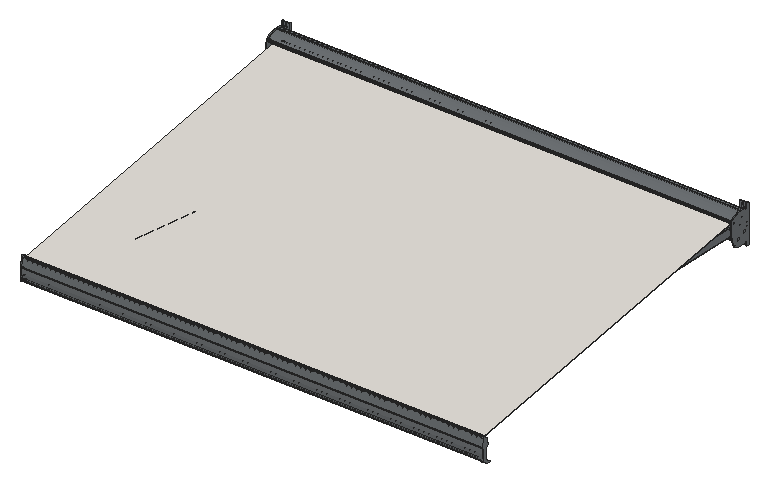
Revit family "Verano_V255_Salou_GM_R21", category Generic Models, Revit 2021
Family settings
  Can host rebar = No
  Round Connector Dimension = Use Diameter
  Part Type = Normal
  Work Plane-Based = No
  Always vertical = Yes
  Cut with Voids When Loaded = No
  Shared = No
  Room Calculation Point = No
Parameters (values of type "2500 Projection")
  α8 [instance] = Angle Constraint - 4.80°  # 10.20°
  α7 [instance] = Angle Constraint - 4.80°  # 10.20°
  α6 [instance] = Angle Constraint - 4.80°  # 10.20°
  α5 [instance] = Angle Constraint - 4.80°  # 10.20°
  α4 [instance] = Angle Constraint - 3.00°  # 12.00°
  α3 [instance] = Angle Constraint - 3.00°  # 12.00°
  α2 [instance] = Angle Constraint - 3.00°  # 12.00°
  α1 [instance] = Angle Constraint - 3.00°  # 12.00°
  Width Constraint [instance] = if(Input Width < Minimal Width, Minimal Width, if(Input Width > Maximal Width, Maximal Width, Input Width))  # 3500 mm
  Width [instance] = Width Constraint  # 3500 mm
  Warning - Width [instance] = if(or(Input Width < Minimal Width, Input Width > Maximal Width), 1 = 1, 1 = 0)  # no
  Warning - Projection [instance] = if(and(Input Width > 5000 mm, [3 - Ausfall 3000]), 1 = 1, 1 = 0)  # no
  Warning - Angle [instance] = if(or(Inclination Angle < Minimal Inclination Angle, Inclination Angle > Maximal Inclination Angle), 1 = 1, 1 = 0)  # no
  Wall Height [instance] = 2500 mm
  URL = "https://verano.nl/catalogus/zonneschermen"
  TYPE (1 - 3) = 2
  STATE [instance] = 1
  Semi-Open [instance] = STATE = 2  # no
  Projection Plane [instance] = if(Open, P * cos(Inclination Angle) + 44 mm, if([Semi-Open], P * cos(Inclination Angle) / 1.9 + 44 mm, 170 mm))  # 2458.815 mm
  Projection [instance] = if([1 - Ausfall 2000], 2000 mm, if([2 - Ausfall 2500], 2500 mm, 3000 mm))  # 2500 mm
  P [instance] = if([1 - Ausfall 2000], 2000 mm, if([2 - Ausfall 2500], 2500 mm, 3000 mm))  # 2500 mm
  Open [instance] = STATE = 1  # yes
  Nosing Profile Length [instance] = Width Constraint - 2 * 10 mm  # 3480 mm
  Nosing Closed [instance] = if(Closed, 1 = 1, 1 = 0)  # no
  Minimal Inclination Angle [instance] = 5.00°  # constant formula
  Maximal Inclination Angle [instance] = 30.00°  # constant formula
  Maximal Width [instance] = 5500 mm  # constant formula
  Input Width [instance] = 3500 mm
  Model = "V225 Salou"
  Minimal Width [instance] = if([1 - Ausfall 2000], 2235 mm, if([2 - Ausfall 2500], 2740 mm, 3320 mm))  # 2740 mm
  Manufacturer = "Verano Systems"
  L8 [instance] = 2880 mm + sin(Angle Constraint) * 90 mm  # 2903.294 mm
  L7 [instance] = 2400 mm + sin(Angle Constraint) * 90 mm  # 2423.294 mm
  L6 [instance] = 1915 mm + sin(Angle Constraint) * 90 mm  # 1938.294 mm
  L5 [instance] = 1430 mm + sin(Angle Constraint) * 90 mm  # 1453.294 mm
  L4 [instance] = 1515 mm + sin(Angle Constraint) * 90 mm  # 1538.294 mm
  L3 [instance] = 1265 mm + sin(Angle Constraint) * 90 mm  # 1288.294 mm
  L2 [instance] = 1015 mm + sin(Angle Constraint) * 90 mm  # 1038.294 mm
  L1 [instance] = 770 mm + sin(Angle Constraint) * 90 mm  # 793.294 mm
  Inclination Angle [instance] = 15.00°
  IA Complement [instance] = Angle Constraint + 180.00°  # 195.00°
  Height [instance] = Wall Height  # 2500 mm
  Frame Material [instance] = V_Antracite
  Fabric Width [instance] = Width Constraint - 29 mm * 2  # 3442 mm
  Fabric Visibility [instance] = not(Closed)  # yes
  Fabric Length [instance] = if(and([Semi-Open], [1 - Ausfall 2000]), L2, if(and([Semi-Open], [2 - Ausfall 2500]), L3, if(and([Semi-Open], [3 - Ausfall 3000]), L4, if(and(Open, [1 - Ausfall 2000]), L6, if(and(Open, [2 - Ausfall 2500]), L7, L8)))))  # 2423.294 mm
  Fabric Material [instance] = V_Fabric Beige
  Fabric Angle [instance] = if(and([Semi-Open], [1 - Ausfall 2000]), α2, if(and([Semi-Open], [2 - Ausfall 2500]), α3, if(and([Semi-Open], [3 - Ausfall 3000]), α4, if(and(Open, [1 - Ausfall 2000]), α6, if(and(Open, [2 - Ausfall 2500]), α7, α8)))))  # 10.20°
  FAR [instance] = -Fabric Angle  # -10.20°
  Default Elevation = 0 mm
  Cap Profile Length [instance] = Width Constraint - 2 * 7 mm  # 3486 mm
  Closed [instance] = STATE = 3  # no
  Ausfall Length [instance] = if([1 - Ausfall 2000], 2000 mm, if([2 - Ausfall 2500], 2500 mm, 3000 mm))  # 2500 mm
  3 - Ausfall 3000 = [TYPE (1 - 3)] = 3  # no
  2 - Ausfall 2500 = [TYPE (1 - 3)] = 2  # yes
  1 - Ausfall 2000 = [TYPE (1 - 3)] = 1  # no
  Arm Length 2 [instance] = if([1 - Ausfall 2000], 850 mm, if([2 - Ausfall 2500], 1100 mm, 1350 mm))  # 1100 mm
  Arm Length 1 [instance] = if([1 - Ausfall 2000], 1050 mm, if([2 - Ausfall 2500], 1300 mm, 1550 mm))  # 1300 mm
  Angle Constraint [instance] = if(Inclination Angle < Minimal Inclination Angle, Minimal Inclination Angle, if(Inclination Angle > Maximal Inclination Angle, Maximal Inclination Angle, Inclination Angle))  # 15.00°
  Angle 3 [instance] = if(Open, -15.00°, if([Semi-Open], -60.00°, -90.00°))  # -15.00°
  Angle 2 [instance] = if(Open, 240.00°, if([Semi-Open], 150.00°, 90.00°))  # 240.00°
  Angle 1 [instance] = if(Open, -75.00°, if([Semi-Open], -30.00°, -1.00°))  # -75.00°
  A1 Complement [instance] = Angle 1 + 180.00°  # 105.00°
Reference planes
  plane 1 "Center (Front/Back)": y = 0
  plane 2: z = 0
  plane 3 "Center (Left/Right)": x = 0
  plane 4 "Top": z = 2500
  plane 5: x = 1750
  plane 6 "1L": x = -1750
  plane 7 "C3": z = 2323.5
  plane 8 "2B": y = -43.5
  plane 9 "3B": y = -73.5
  plane 10 "2L": x = -1743
  plane 11: x = 1743
  plane 12 "C1": z = 2413.251
  plane 13 "C2": y = -113.972
  plane 14: x = 1737
  plane 15: x = -1737
  plane 16: x = -1690
  plane 17: x = 1690
  plane 18 "pp": y = -2458.815
Forms (mm)
  Revolve 1, solid
    sketch origin (0, -73.5, 0) x (0, 0, 1) y (-1, 0, 0)
      loop
        line (2413.251, -1743) -> (2415.251, -1743) -> (2415.251, 1743) -> (2413.251, 1743) -> (2413.251, -1743)
      axis (2413.251, -1743) -> (2413.251, 1743)
    angle from 0 to -10.2 <- "FAR"
  Revolve 2, solid, not visible
    sketch origin (0, 0, 2323.5) x (-1, 0, 0) y (0, -1, 0)
      loop
        line (1743, 61.5) -> (1690, 61.5) -> (1690, 43.5) -> (1743, 43.5) -> (1743, 61.5)
      axis (1690, 43.5) -> (1743, 43.5)
    angle from 15 <- "Angle Constraint" to 195 <- "IA Complement"
  Revolve 3, solid, not visible
    sketch origin (0, 0, 2323.5) x (-1, 0, 0) y (0, -1, 0)
      loop
        line (-1743, 61.5) -> (-1743, 43.5) -> (-1690, 43.5) -> (-1690, 61.5) -> (-1743, 61.5)
      axis (-1743, 43.5) -> (-1690, 43.5)
    angle from 15 <- "Angle Constraint" to 195 <- "IA Complement"
  Extrusion 4, solid, material "V_Antracite" <- "Frame Material"
    sketch origin (1993, -43.5, 2323.5) x (0, -0.965926, -0.258819) y (1, 0, 0)
      loop
        line (-18, -250) -> (-18, -303) -> (18, -303) -> (18, -250) -> (-18, -250)
    from -25 to 25
  Extrusion 5, solid, material "V_Antracite" <- "Frame Material"
    sketch origin (2007.102, -43.5, 2323.5) x (1, 0, 0) y (0, 0.965926, 0.258819)
      loop
        line (-3697.102, 18) -> (-3750.102, 18) -> (-3750.102, -18) -> (-3697.102, -18) -> (-3697.102, 18)
    from -25 to 25
  Revolve 6, solid, material "V_Antracite" <- "Frame Material"
    sketch origin (-1690, -60.887, 2318.841) x (0, 0.965926, 0.258819) y (0, -0.258819, 0.965926)
      loop
        line (0, 25) -> (0, -25) -> (36, -25) -> (36, 25) -> (0, 25)
      axis (0, -25) -> (0, 25)
    angle from -75 <- "Angle 1" to 0
  Extrusion 7, solid, material "V_Antracite" <- "Frame Material"
    sketch origin (-1690, -54.416, 2294.693) x (0.965926, 0.25, 0.066987) y (0, -0.258819, 0.965926)
      loop
        line (36, 60) -> (0, 60) -> (0, -10) -> (36, -10) -> (36, 60)
    from 0 to 20
  Revolve 8, solid, material "V_Antracite" <- "Frame Material"
    sketch origin (1690, -26.113, 2328.159) x (0, -0.965926, -0.258819) y (0, -0.258819, 0.965926)
      loop
        line (0, 25) -> (0, -25) -> (36, -25) -> (36, 25) -> (0, 25)
      axis (36, -25) -> (36, 25)
    angle from -75 <- "Angle 1" to 0
  Extrusion 9, solid, material "V_Antracite" <- "Frame Material"
    sketch origin (1690, -54.416, 2294.693) x (-0.965926, 0.25, 0.066987) y (0, 0.258819, -0.965926)
      loop
        line (36, -60) -> (36, 10) -> (0, 10) -> (0, -60) -> (36, -60)
    from 0 to 20
  Extrusion 10, solid, material "V_Antracite" <- "Frame Material"
    sketch origin (-1655.227, -60.945, 2355.06) x (-0.965926, -0.25, -0.066987) y (0.258819, -0.933013, -0.25)
      loop
        line (36, 0) -> (0, 0) -> (0, -18)
        arc (0, -18) -> (18, -36) -> (36, -18) r 18
        line (36, -18) -> (36, 0)
      loop
        circle (18, -18) r 10
    from 0 to -10
  Extrusion 11, solid, material "V_Antracite" <- "Frame Material"
    sketch origin (-1655.227, -60.945, 2355.06) x (-0.965926, -0.25, -0.066987) y (0.258819, -0.933013, -0.25)
      loop
        arc (0, -18) -> (18, -36) -> (36, -18) r 18
        line (36, -18) -> (36, 0) -> (0, 0) -> (0, -18)
      loop
        circle (18, -18) r 10
    from -70 to -60
  Extrusion 12, solid, material "V_Antracite" <- "Frame Material"
    sketch origin (1655.227, -60.945, 2355.06) x (0.965926, -0.25, -0.066987) y (0.258819, 0.933013, 0.25)
      loop
        line (0, 0) -> (36, 0) -> (36, 18)
        arc (36, 18) -> (18, 36) -> (0, 18) r 18
        line (0, 18) -> (0, 0)
      loop
        circle (18, 18) r 10
    from 0 to -10
  Extrusion 13, solid, material "V_Antracite" <- "Frame Material"
    sketch origin (1655.227, -60.945, 2355.06) x (0.965926, -0.25, -0.066987) y (0.258819, 0.933013, 0.25)
      loop
        arc (36, 18) -> (18, 36) -> (0, 18) r 18
        line (0, 18) -> (0, 0) -> (36, 0) -> (36, 18)
      loop
        circle (18, 18) r 10
    from -70 to -60
  Extrusion 14, solid, material "V_Antracite" <- "Frame Material"
    sketch origin (-1750, -13, 2463.5) x (0, 0, 1) y (0, 1, 0)
      loop
        circle (-165, -85) r 9.5
      loop
        circle (-140, -30.5) r 9.5
      loop
        circle (-72.497, -69.5) r 5.25
      loop
        circle (-37.5, -128) r 4.25
      loop
        circle (-84.005, -3) r 4.25
      loop
        circle (-111.5, -3) r 4.25
      loop
        circle (-28, -51.5) r 5.25
      loop
        circle (0, -19.5) r 4.25
    from 0 to -7
  Extrusion 15, solid, material "V_Antracite" <- "Frame Material"
    sketch origin (1750, -13, 2463.5) x (0, 1, 0) y (0, 0, 1)
      loop
        circle (-51.5, -28) r 5.25
      loop
        circle (-19.5, 0) r 4.25
      loop
        circle (-128, -37.5) r 4.25
      loop
        circle (-69.5, -72.497) r 5.25
      loop
        circle (-3, -84.005) r 4.25
      loop
        circle (-3, -111.5) r 4.25
      loop
        circle (-30.5, -140) r 9.5
      loop
        circle (-85, -165) r 9.5
    from 0 to -7
  Extrusion 16, solid, material "V_Antracite" <- "Frame Material"
    sketch origin (1684.824, -73.076, 2289.693) x (-0.965926, 0.25, 0.066987) y (0, 0.258819, -0.965926)
      loop
        line (7.5, -57.5) -> (28.5, -57.5)
        arc (28.5, -57.5) -> (32.036, -56.036) -> (33.5, -52.5) r 5
        line (33.5, -52.5) -> (33.5, 2.5)
        arc (33.5, 2.5) -> (32.036, 6.036) -> (28.5, 7.5) r 5
        line (28.5, 7.5) -> (7.5, 7.5)
        arc (7.5, 7.5) -> (3.964, 6.036) -> (2.5, 2.5) r 5
        line (2.5, 2.5) -> (2.5, -52.5)
        arc (2.5, -52.5) -> (3.964, -56.036) -> (7.5, -57.5) r 5
    from 0 to 1300 <- "Arm Length 1"
  Extrusion 17, solid, material "V_Antracite" <- "Frame Material"
    sketch origin (1348.359, -1285.993, 1964.693) x (-0.965926, 0.25, 0.066987) y (0, 0.258819, -0.965926)
      loop
        line (33.5, -57.5) -> (33.5, 7.5) -> (2.5, 7.5) -> (2.5, -57.5) -> (33.5, -57.5)
    from 0 to 5
  Extrusion 18, solid, material "V_Antracite" <- "Frame Material"
    sketch origin (1316, -1275.677, 1959.693) x (0, -0.258819, 0.965926) y (0.258819, 0.933013, 0.25)
      loop
        line (65, -5) -> (0, -5) -> (0, -15.706) -> (65, -10.019) -> (65, -5)
    from 0 to -31
  Extrusion 19, solid, material "V_Antracite" <- "Frame Material"
    sketch origin (1313.407, -1301.848, 2019.973) x (-0.022558, 0.176517, -0.984039) y (0.965926, -0.25, -0.066987)
      loop
        line (0, 31) -> (0, 0) -> (8, 0) -> (8, 31) -> (0, 31)
      loop
        line (65.248, 31) -> (57.248, 31) -> (57.248, 0) -> (65.248, 0) -> (65.248, 31)
    from 0 to 1
  Extrusion 20, solid, material "V_Antracite" <- "Frame Material"
    sketch origin (1343.351, -1309.598, 2017.897) x (-0.965926, 0.25, 0.066987) y (-0.257834, -0.95202, -0.164863)
      loop
        line (0, 1) -> (31, 1) -> (31, 31) -> (-0.304, 38.504)
        arc (-0.304, 38.504) -> (-22.499, 20.843) -> (0, 3.572) r 18
        line (0, 3.572) -> (0, 1)
      loop
        circle (-4.5, 21) r 5.969
    from 0 to -8
  Extrusion 21, solid, material "V_Antracite" <- "Frame Material"
    sketch origin (1341.879, -1298.081, 1953.69) x (-0.965926, 0.25, 0.066987) y (0.257834, 0.95202, 0.164863)
      loop
        line (31, -1) -> (0, -1) -> (0, -3.572)
        arc (0, -3.572) -> (-22.499, -20.843) -> (-0.304, -38.504) r 18
        line (-0.304, -38.504) -> (31, -31) -> (31, -1)
      loop
        circle (-4.5, -21) r 5.969
    from 0 to -8
  Extrusion 22, solid, material "V_Antracite" <- "Frame Material"
    sketch origin (1342.06, -1299.493, 1961.562) x (0.965926, -0.25, -0.066987) y (0.257834, 0.95202, 0.164863)
      loop
        line (-31, -31) -> (-21, -33.397) -> (-21, 0) -> (-31, 0) -> (-31, -31)
    from 0 to 49.248
  Extrusion 23, solid, material "V_Antracite" <- "Frame Material"
    sketch origin (-1684.824, -73.076, 2289.693) x (0.965926, 0.25, 0.066987) y (0, -0.258819, 0.965926)
      loop
        line (28.5, 57.5) -> (7.5, 57.5)
        arc (7.5, 57.5) -> (3.964, 56.036) -> (2.5, 52.5) r 5
        line (2.5, 52.5) -> (2.5, -2.5)
        arc (2.5, -2.5) -> (3.964, -6.036) -> (7.5, -7.5) r 5
        line (7.5, -7.5) -> (28.5, -7.5)
        arc (28.5, -7.5) -> (32.036, -6.036) -> (33.5, -2.5) r 5
        line (33.5, -2.5) -> (33.5, 52.5)
        arc (33.5, 52.5) -> (32.036, 56.036) -> (28.5, 57.5) r 5
    from 0 to 1300 <- "Arm Length 1"
  Extrusion 24, solid, material "V_Antracite" <- "Frame Material"
    sketch origin (-1348.359, -1285.993, 1964.693) x (0.965926, 0.25, 0.066987) y (0, -0.258819, 0.965926)
      loop
        line (33.5, 57.5) -> (2.5, 57.5) -> (2.5, -7.5) -> (33.5, -7.5) -> (33.5, 57.5)
    from 0 to 5
  Extrusion 25, solid, material "V_Antracite" <- "Frame Material"
    sketch origin (-1345.944, -1300.25, 2020.401) x (0, 0.258819, -0.965926) y (0.258819, -0.933013, -0.25)
      loop
        line (0, 5) -> (65, 5) -> (65, 15.687) -> (0, 10) -> (0, 5)
    from 0 to -31
  Extrusion 26, solid, material "V_Antracite" <- "Frame Material"
    sketch origin (-1343.356, -1309.58, 2017.901) x (0.022558, 0.176517, -0.984039) y (0.965926, 0.25, 0.066987)
      loop
        line (0, 31) -> (0, 0) -> (8, 0) -> (8, 31) -> (0, 31)
      loop
        line (65.248, 31) -> (57.248, 31) -> (57.248, 0) -> (65.248, 0) -> (65.248, 31)
    from 0 to 1
  Extrusion 27, solid, material "V_Antracite" <- "Frame Material"
    sketch origin (-1313.412, -1301.83, 2019.978) x (-0.965926, -0.25, -0.066987) y (0.257834, -0.95202, -0.164863)
      loop
        line (0, 1) -> (31, 1) -> (31, 3.572)
        arc (31, 3.572) -> (53.499, 20.774) -> (31.439, 38.536) r 18
        line (31.439, 38.536) -> (0, 31.255) -> (0, 1)
      loop
        circle (35.5, 21) r 6
    from 0 to -8
  Extrusion 28, solid, material "V_Antracite" <- "Frame Material"
    sketch origin (-1312.121, -1291.725, 1963.643) x (-0.965926, -0.25, -0.066987) y (0.257834, -0.95202, -0.164863)
      loop
        line (0, 31.255) -> (0, 1) -> (31, 1) -> (31, 3.572)
        arc (31, 3.572) -> (53.499, 20.774) -> (31.439, 38.536) r 18
        line (31.439, 38.536) -> (0, 31.255)
      loop
        circle (35.5, 21) r 6
    from 0 to -8
  Extrusion 29, solid, material "V_Antracite" <- "Frame Material"
    sketch origin (-1312.121, -1291.725, 1963.643) x (-0.965926, -0.25, -0.066987) y (0.257834, -0.95202, -0.164863)
      loop
        line (0, 31.255) -> (0, 0) -> (10, 0) -> (10, 33.571) -> (0, 31.255)
    from 0 to 49.248
  Extrusion 30, solid, not visible
    sketch origin (1342.06, -1299.493, 1961.562) x (0.965926, -0.25, -0.066987) y (0.257834, 0.95202, 0.164863)
      loop
        arc (10.469, -21) -> (4.5, -15.031) -> (-1.469, -21) r 5.969
        line (-1.469, -21) -> (10.469, -21)
    from 0 to 49.248
  Extrusion 31, solid, not visible
    sketch origin (-1312.121, -1291.725, 1963.643) x (-0.965926, -0.25, -0.066987) y (0.257834, -0.95202, -0.164863)
      loop
        line (41.5, 21) -> (29.5, 21)
        arc (29.5, 21) -> (35.5, 15) -> (41.5, 21) r 6
    from 0 to 49.248
  Sweep 32, solid, material "V_Antracite" <- "Frame Material"
    path in 3D
      loop
        line (1342.103, -1329.303, 2006.261) -> (1340.992, -1320.61, 1957.798)
    profile "06.Middle hinge Profile_New : 06.Middle hinge Profile_New" origin (1341.547, -1324.957, 1982.03) x (0.965926, -0.25, -0.066987) y (-0.257834, -0.95202, -0.164863)
      loop
        circle (0, 0) r 6
      loop
        line (9, 15.588) -> (15, 25.981) -> (-11.847, 41.481) -> (-24.347, 19.83) -> (-12.475, 12.976)
        arc (-12.475, 12.976) -> (2.174, -17.868) -> (9, 15.588) r 18
  Sweep 33, solid, material "V_Antracite" <- "Frame Material"
    path in 3D
      loop
        line (-1340.997, -1320.592, 1957.803) -> (-1342.108, -1329.285, 2006.265)
    profile "06.Middle hinge Profile_New : 06.Middle hinge Profile_New" origin (-1341.552, -1324.939, 1982.034) x (-0.965926, -0.25, -0.066987) y (0.257834, -0.95202, -0.164863)
      loop
        circle (0, 0) r 6
      loop
        line (9, 15.588) -> (15, 25.981) -> (-11.847, 41.481) -> (-24.347, 19.83) -> (-12.475, 12.976)
        arc (-12.475, 12.976) -> (2.174, -17.868) -> (9, 15.588) r 18
  Extrusion 34, solid, material "V_Antracite" <- "Frame Material"
    sketch origin (1313.473, -1342.095, 2004.622) x (-0.022558, 0.176517, -0.984039) y (0.259672, -0.949473, -0.176269)
      loop
        line (49.248, 25) -> (49.248, 29.309) -> (0, 25) -> (49.248, 25)
    from 0 to -31
  Extrusion 35, solid, material "V_Antracite" <- "Frame Material"
    sketch origin (1319.964, -1365.832, 2000.216) x (0.00016, 0.093093, -0.995657) y (0.965433, 0.259504, 0.024419)
      loop
        line (2.5, 25.5) -> (2.5, 5.5)
        arc (2.5, 5.5) -> (3.379, 3.379) -> (5.5, 2.5) r 3
        line (5.5, 2.5) -> (43.936, 2.5)
        arc (43.936, 2.5) -> (46.058, 3.379) -> (46.936, 5.5) r 3
        line (46.936, 5.5) -> (46.936, 25.5)
        arc (46.936, 25.5) -> (46.058, 27.621) -> (43.936, 28.5) r 3
        line (43.936, 28.5) -> (5.5, 28.5)
        arc (5.5, 28.5) -> (3.379, 27.621) -> (2.5, 25.5) r 3
    from 0 to 1100 <- "Arm Length 2"
  Extrusion 36, solid, material "V_Antracite" <- "Frame Material"
    sketch origin (-1312.367, -1333.384, 1956.165) x (-0.022558, -0.176517, 0.984039) y (-0.259672, -0.949473, -0.176269)
      loop
        line (49.248, 25) -> (0, 29.309) -> (0, 25) -> (49.248, 25)
    from 0 to -31
  Extrusion 37, solid, material "V_Antracite" <- "Frame Material"
    sketch origin (-1319.969, -1365.814, 2000.22) x (-0.00016, 0.093093, -0.995657) y (0.965433, -0.259504, -0.024419)
      loop
        line (2.5, -5.5) -> (2.5, -25.5)
        arc (2.5, -25.5) -> (3.379, -27.621) -> (5.5, -28.5) r 3
        line (5.5, -28.5) -> (43.936, -28.5)
        arc (43.936, -28.5) -> (46.058, -27.621) -> (46.936, -25.5) r 3
        line (46.936, -25.5) -> (46.936, -5.5)
        arc (46.936, -5.5) -> (46.058, -3.379) -> (43.936, -2.5) r 3
        line (43.936, -2.5) -> (5.5, -2.5)
        arc (5.5, -2.5) -> (3.379, -3.379) -> (2.5, -5.5) r 3
    from 0 to 1100 <- "Arm Length 2"
  Revolve 38, solid, not visible
    sketch origin (-1606.684, -2423.184, 1901.404) x (-0.00016, 0.093093, -0.995657) y (0.965433, -0.259504, -0.024419)
      loop
        line (2.5, -2.5) -> (2.5, -28.5) -> (46.936, -28.5) -> (46.936, -2.5) -> (2.5, -2.5)
      axis (46.936, -2.5) -> (2.5, -2.5)
    angle from -15 <- "Angle 3" to 0
  Extrusion 39, solid, not visible
    sketch origin (-1609.105, -2418.445, 1857.719) x (-0.999998, 0.001873, 0.000336) y (-0.00016, 0.093093, -0.995657)
      loop
        line (0, -41.436) -> (26, -41.436) -> (26, 3) -> (0, 3) -> (0, -41.436)
    from 0 to 10
  Revolve 40, solid, not visible
    sketch origin (1606.679, -2423.201, 1901.399) x (0.00016, 0.093093, -0.995657) y (0.965433, 0.259504, 0.024419)
      loop
        line (2.5, 28.5) -> (2.5, 2.5) -> (46.936, 2.5) -> (46.936, 28.5) -> (2.5, 28.5)
      axis (2.5, 2.5) -> (46.936, 2.5)
    angle from -15 <- "Angle 3" to 0
  Extrusion 41, solid, not visible
    sketch origin (1609.094, -2422.041, 1895.984) x (0.999998, 0.001873, 0.000336) y (-0.00016, -0.093093, 0.995657)
      loop
        line (26, 3) -> (0, 3) -> (0, -41.436) -> (26, -41.436) -> (26, 3)
    from 0 to 10
  Extrusion 42, solid, material "V_Antracite" <- "Frame Material"
    sketch origin (-1635.098, -2422.253, 1898.984) x (-0.00016, 0.093093, -0.995657) y (-0.001896, -0.995656, -0.093093)
      loop
        line (0, 10) -> (44.436, 10) -> (44.436, 0) -> (54.436, 0) -> (54.436, 10)
        arc (54.436, 10) -> (22.218, 21.764) -> (-10, 10) r 50
        line (-10, 10) -> (-10, 0) -> (0, 0) -> (0, 10)
    from -65.5 to 34.5
  Extrusion 43, solid, material "V_Antracite" <- "Frame Material"
    sketch origin (1609.093, -2422.32, 1898.971) x (0.00016, 0.093093, -0.995657) y (0.001896, -0.995656, -0.093093)
      loop
        line (0, 10) -> (44.436, 10) -> (44.436, 0) -> (54.436, 0) -> (54.436, 10)
        arc (54.436, 10) -> (22.218, 21.764) -> (-10, 10) r 50
        line (-10, 10) -> (-10, 0) -> (0, 0) -> (0, 10)
    from -65.5 to 34.5
Cuts and joins
  joined: Extrusion 17, Extrusion 18
  joined: Extrusion 24, Extrusion 25
Lines and regions (mm)
  model lines
    curve 1: line (1743, -73.5, 2413.251) -> (-1737, -73.5, 2413.251)
    curve 2: circle (0, -73.5, 2413.251) r 40 normal (1, 0, 0)
    curve 3: line (1603, -43.5, 2323.5) -> (-1622, -43.5, 2323.5)
    curve 4: line (1342.103, -1329.303, 2006.261) -> (1340.992, -1320.61, 1957.798)
    curve 5: line (-1340.997, -1320.592, 1957.803) -> (-1342.108, -1329.285, 2006.265)
  sketch lines
    curve 6: line (1342.103, -1329.303, 2006.261) -> (1340.992, -1320.61, 1957.798)
    curve 7: line (-1340.997, -1320.592, 1957.803) -> (-1342.108, -1329.285, 2006.265)
  symbolic lines, style "GenericModelHiddenLines"
    curve 8: line (1750, 0, 0) -> (-1750, 0, 0)
    curve 9: line (-1750, 0, 0) -> (-1750, -2458.815, 0)
    curve 10: line (1750, 0, 0) -> (1750, -2458.815, 0)
    curve 11: line (-1750, -2458.815, 0) -> (1750, -2458.815, 0)
Dimensions and locks
  "Wall Height": plane 4 "Top" to level
  equal spacing: plane 5, plane 3 "Center (Left/Right)", plane 6 "1L"
  "Width Constraint": plane 5 to plane 6 "1L"
  locked: plane 4 "Top" to plane 7 "C3" at 176.5
  plane 1 "Center (Front/Back)" to plane 8 "2B" = 43.5 mm
  locked: plane 10 "2L" to plane 6 "1L" at 7
  locked: plane 5 to plane 11 at 7
  locked: plane 1 "Center (Front/Back)" to plane 13 "C2" at 113.972
  locked: plane 4 "Top" to plane 12 "C1" at 86.749
  locked: plane 10 "2L" to plane 15 at 6
  locked: plane 14 to plane 11 at 6
  locked: plane 1 "Center (Front/Back)" to plane 9 "3B" at 73.5
  locked: plane 17 to plane 5 at 60
  locked: plane 6 "1L" to plane 16 at 60
  plane 7 "C3" to plane 12 "C1" = 89.751 mm
  "Projection Plane": plane 18 "pp" to plane 1 "Center (Front/Back)"
  aligned and locked: level to plane 2
  aligned and locked: plane 9 "3B" to curve 1
  aligned and locked: plane 15 to curve 1
  aligned and locked: plane 11 to curve 1
  aligned and locked: Revolve 1 sketch curve to plane 12 "C1"
  aligned and locked: plane 6 "1L" to nested 1
  aligned and locked: plane 7 "C3" to nested 1
  aligned and locked: plane 1 "Center (Front/Back)" to nested 1
  aligned and locked: plane 5 to nested 2
  aligned and locked: plane 3 "Center (Left/Right)" to nested 3
  aligned and locked: nested 2 to plane 5
  aligned and locked: plane 3 "Center (Left/Right)" to nested 4
  aligned and locked: plane 1 "Center (Front/Back)" to nested 4
  aligned and locked: nested 2 to plane 4 "Top"
  aligned and locked: nested 5 to Revolve 1
  aligned and locked: nested 5 to plane 3 "Center (Left/Right)"
  aligned and locked: nested 6 to plane 3 "Center (Left/Right)"
  aligned and locked: curve 3 to plane 8 "2B"
  aligned and locked: plane 11 to Revolve 1
  aligned and locked: plane 10 "2L" to Revolve 1
  aligned and locked: Revolve 2 sketch curve to plane 8 "2B"  (x2)
  aligned and locked: Revolve 2 sketch curve to plane 16
  aligned and locked: Revolve 2 sketch curve to plane 10 "2L"
  aligned and locked: Revolve 3 sketch curve to plane 11
  aligned and locked: Revolve 3 sketch curve to plane 17
  aligned and locked: Revolve 3 sketch curve to plane 8 "2B"
  aligned and locked: Extrusion 4 sketch curve to Revolve 3  (x3)
  aligned and locked: Revolve 3 to Extrusion 4 sketch curve
  aligned and locked: Extrusion 5 sketch curve to Revolve 2  (x4)
  aligned and locked: Revolve 6 sketch curve to Extrusion 5  (x4)
  aligned and locked: Extrusion 7 sketch curve to Revolve 6  (x2)
  aligned and locked: Revolve 8 sketch curve to Extrusion 4  (x5)
  aligned and locked: Extrusion 9 sketch curve to Revolve 8  (x2)
  aligned and locked: Extrusion 10 sketch curve to Extrusion 7  (x3)
  aligned and locked: Extrusion 11 sketch curve to Extrusion 10  (x5)
  aligned and locked: Extrusion 12 sketch curve to Extrusion 9  (x3)
  aligned and locked: Extrusion 13 sketch curve to Extrusion 12  (x4)
  aligned and locked: Extrusion 13 sketch curve to Extrusion 9
  aligned and locked: Extrusion 14 to plane 6 "1L"
  aligned and locked: Extrusion 14 to plane 10 "2L"
  aligned and locked: plane 5 to Extrusion 15
  aligned and locked: plane 11 to Extrusion 15
  aligned and locked: Extrusion 18 sketch curve to Extrusion 17
  aligned and locked: Extrusion 17 to Extrusion 18 sketch curve
  aligned and locked: Extrusion 18 sketch curve to cut or joined group of Extrusion 17, Extrusion 18
  aligned and locked: Extrusion 19 sketch curve to cut or joined group of Extrusion 17, Extrusion 18  (x5)
  aligned and locked: Extrusion 20 sketch curve to Extrusion 19  (x3)
  aligned and locked: Extrusion 21 sketch curve to Extrusion 20  (x6)
  aligned and locked: Extrusion 22 sketch curve to Extrusion 21  (x2)
  aligned and locked: Extrusion 22 sketch curve to Extrusion 19
  aligned and locked: Extrusion 24 sketch curve to Extrusion 23  (x4)
  aligned and locked: Extrusion 25 sketch curve to Extrusion 24  (x2)
  aligned and locked: Extrusion 24 to Extrusion 25 sketch curve
  aligned and locked: Extrusion 26 sketch curve to cut or joined group of Extrusion 24, Extrusion 25  (x5)
  aligned and locked: Extrusion 27 sketch curve to Extrusion 26  (x3)
  aligned and locked: Extrusion 28 sketch curve to Extrusion 27  (x7)
  aligned and locked: Extrusion 29 sketch curve to Extrusion 28
  aligned and locked: Extrusion 28 to Extrusion 29 sketch curve
  aligned and locked: Extrusion 29 sketch curve to Extrusion 26
  aligned and locked: Revolve 8 to plane 17
  aligned and locked: Extrusion 4 to plane 17  (x2)
  aligned and locked: Extrusion 4 to plane 11
  aligned and locked: Extrusion 30 sketch curve to Extrusion 21
  aligned and locked: Extrusion 30 to curve 4  (x2)
  aligned and locked: Extrusion 31 sketch curve to Extrusion 28
  aligned and locked: Extrusion 31 to curve 5  (x2)
  aligned and locked: Extrusion 34 sketch curve to Sweep 32  (x2)
  aligned and locked: Extrusion 36 sketch curve to Sweep 33
  aligned and locked: Sweep 33 to Extrusion 36 sketch curve
  aligned and locked: Revolve 38 sketch curve to Extrusion 37  (x4)
  aligned and locked: Extrusion 39 sketch curve to Revolve 38  (x4)
  aligned and locked: Revolve 40 sketch curve to Extrusion 35  (x4)
  aligned and locked: Extrusion 41 sketch curve to Revolve 40  (x4)
  aligned and locked: Extrusion 42 sketch curve to Extrusion 39  (x5)
  aligned and locked: Extrusion 43 sketch curve to Extrusion 41  (x4)
  aligned and locked: Revolve 40 to Extrusion 43 sketch curve
  aligned and locked: curve 11 to plane 18 "pp"
  aligned and locked: curve 9 to plane 6 "1L"
  aligned and locked: curve 8 to plane 1 "Center (Front/Back)"
  aligned and locked: curve 10 to plane 5
Automatic sketch dimensions
  Revolve 1 sketch curve to plane 12 "C1" = 0 mm
  Revolve 1 sketch curve to plane 12 "C1" = 2 mm
  Revolve 1 sketch curve to plane 14 = 6 mm
  plane 15 to Revolve 1 sketch curve = 6 mm
  Revolve 1 sketch curve to Revolve 1 sketch curve = 94.017 mm
  Revolve 1 sketch curve to Revolve 1 sketch curve = 90.235 mm
  plane 13 "C2" to curve 2 = 40.472 mm
  curve 2 to plane 12 "C1" = 0 mm
  Revolve 2 sketch curve to plane 9 "3B" = 12 mm
  plane 5 to Revolve 2 sketch curve = 257.102 mm
  Revolve 2 sketch curve to plane 6 "1L" = 203.807 mm
  Revolve 3 sketch curve to plane 9 "3B" = 12 mm
  Revolve 6 to Extrusion 7 sketch curve = 10 mm  (x2)
  Revolve 8 to Extrusion 9 sketch curve = 10 mm  (x2)
  Extrusion 10 sketch curve to Extrusion 10 sketch curve = 0 mm  (x3)
  Extrusion 10 sketch curve to Extrusion 7 = 18 mm
  Extrusion 12 sketch curve to Extrusion 12 sketch curve = 0 mm  (x3)
  Extrusion 12 sketch curve to Extrusion 12 sketch curve = 18 mm
  Extrusion 16 sketch curve to Extrusion 9 = 2.5 mm  (x3)
  Extrusion 16 sketch curve to Extrusion 16 sketch curve = 5 mm  (x3)
  Extrusion 16 sketch curve to Extrusion 9 = 7.5 mm  (x2)
  Extrusion 16 to Extrusion 17 sketch curve = 0 mm  (x4)
  Extrusion 18 sketch curve to Extrusion 17 = 10.706 mm
  Extrusion 18 sketch curve to Extrusion 17 = 5.019 mm
  Extrusion 19 sketch curve to Extrusion 18 = 8 mm
  Extrusion 18 to Extrusion 19 sketch curve = 8 mm
  Extrusion 19 sketch curve to Extrusion 18 = 0 mm
  Extrusion 20 sketch curve to Extrusion 20 sketch curve = 0 mm  (x2)
  Extrusion 20 sketch curve to Extrusion 19 = 4.5 mm
  Extrusion 20 sketch curve to Extrusion 19 = 2.572 mm
  Extrusion 20 sketch curve to Extrusion 19 = 0.304 mm
  Extrusion 20 sketch curve to Extrusion 20 sketch curve = 7.504 mm
  Extrusion 20 sketch curve to Extrusion 20 sketch curve = 17.428 mm
  Extrusion 19 to Extrusion 21 sketch curve = 0.304 mm
  Extrusion 22 sketch curve to Extrusion 21 = 10 mm
  Extrusion 23 sketch curve to Extrusion 7 = 2.5 mm  (x4)
  Extrusion 23 sketch curve to Extrusion 23 sketch curve = 5 mm  (x3)
  Extrusion 23 sketch curve to Extrusion 7 = 7.5 mm
  Extrusion 25 sketch curve to Extrusion 24 = 5 mm
  Extrusion 25 sketch curve to Extrusion 24 = 10.687 mm
  Extrusion 26 sketch curve to Extrusion 25 = 8 mm
  Extrusion 25 to Extrusion 26 sketch curve = 8 mm
  Extrusion 25 to Extrusion 26 sketch curve = 0 mm
  Extrusion 27 sketch curve to Extrusion 27 sketch curve = 0 mm  (x2)
  Extrusion 27 sketch curve to Extrusion 26 = 4.5 mm
  Extrusion 27 sketch curve to Extrusion 27 sketch curve = 17.428 mm
  Extrusion 27 sketch curve to Extrusion 26 = 30.255 mm
  Extrusion 27 sketch curve to Extrusion 26 = 0.439 mm
  Extrusion 27 sketch curve to Extrusion 26 = 2.572 mm
  Extrusion 26 to Extrusion 28 sketch curve = 0.439 mm
  Extrusion 29 sketch curve to Extrusion 29 sketch curve = 2.316 mm
  Revolve 8 sketch curve to Extrusion 4 = 0 mm
  Extrusion 4 to Revolve 8 sketch curve = 0 mm
  curve 4 to Extrusion 30 = 5.969 mm
  Extrusion 31 to curve 5 = 6 mm
  Sweep 32 to Extrusion 34 sketch curve = 4.309 mm
  Sweep 32 to Extrusion 34 sketch curve = 0 mm
  Extrusion 34 to Extrusion 35 sketch curve = 2.5 mm  (x4)
  Extrusion 35 sketch curve to Extrusion 35 sketch curve = 3 mm  (x3)
  Extrusion 34 to Extrusion 35 sketch curve = 5.5 mm
  Extrusion 36 sketch curve to Sweep 33 = 0 mm
  Sweep 33 to Extrusion 36 sketch curve = 4.309 mm
  Extrusion 36 to Extrusion 37 sketch curve = 2.5 mm  (x3)
  Extrusion 37 sketch curve to Extrusion 37 sketch curve = 3 mm  (x3)
  Extrusion 37 sketch curve to Extrusion 36 = 5.5 mm
  Extrusion 37 sketch curve to Extrusion 36 = 2.5 mm
  Extrusion 39 to Extrusion 42 sketch curve = 0 mm
  Extrusion 42 sketch curve to Extrusion 39 = 0 mm
  Extrusion 42 sketch curve to Extrusion 39 = 22.218 mm
  Extrusion 42 sketch curve to Extrusion 39 = 28.236 mm
  Extrusion 42 sketch curve to Extrusion 42 sketch curve = 10 mm
  Extrusion 43 sketch curve to Extrusion 41 = 0 mm
  Extrusion 41 to Extrusion 43 sketch curve = 0 mm
  Extrusion 43 sketch curve to Extrusion 41 = 22.218 mm
  Extrusion 43 sketch curve to Extrusion 41 = 28.236 mm
  Extrusion 41 to Extrusion 43 sketch curve = 10 mm
  curve 3 to plane 17 = 87 mm
  plane 16 to curve 3 = 68 mm
  radius of curve 2 = 40 mm
  radius of Extrusion 10 sketch curve = 10 mm
  radius of Extrusion 12 sketch curve = 10 mm
  radius of Extrusion 15 sketch curve to nested 2 = 1 mm  (x8)
  radius of Extrusion 14 sketch curve to nested 1 = 1 mm  (x8)
  radius of Extrusion 20 sketch curve = 5.969 mm
  radius of Extrusion 27 sketch curve = 6 mm
Nested families
  nested 1: "01.Wall Part" at (-1750, 0, 2323.5), type "01.Wall Part"
  nested 2: "01.Wall Part" at (1750, 0, 2323.5) x (-1, 0, 0) z (0, 0, 1), type "01.Wall Part"
  nested 3: "02.Cover Profile_GM" at (0, 0, 2500), built-in parameter 1001360 <- "Wall Height", type "02.Cover Profile_GM"
    with Length 3486 mm
  nested 4: "03.Nosing Closed_GM" at (0, 0, 2500), built-in parameter 1001360 <- "Wall Height", visible <- "Closed", type "03.Nosing Closed_GM"
    with Length 3480 mm
  nested 5: "04.Fabric" at (0, -73.854, 2415.22) x (-1, 0, 0) z (0, -0.9842, -0.1771), visible <- "Fabric Visibility", type "04.Fabric"
    with Width 3442 mm, Length 2423.294 mm
  nested 6: "05.Nosing Open_FB" at (0, -2458.849, 1986.091) x (1, 0, 0) z (0, -0.9842, -0.1771), visible <- "Fabric Visibility", type "05.Nosing Open_FB"
    with Length 3480 mm
Definition of nested family "01.Wall Part"
  Parameters
    Frame Material = none
    Default Elevation = 0 mm
  Reference planes
    plane 1 "Center (Front/Back)": y = 0
    plane 2: z = 0
    plane 3 "Center (Left/Right)": x = 0
  Forms (mm)
    Extrusion 1, solid, material <- "Frame Material"
      sketch origin (0, 0, 0) x (1, 0, 0) y (0, 0, 1)
        loop
          line (60, 176.5) -> (7, 176.5) -> (7, 173.5) -> (7, 151.5) -> (7, 117.461) -> (7, 115.395) -> (7, 27.224) -> (7, 25.351) -> (7, 23.734) -> (7, 21.836) -> (7, -66.176) -> (7, -67.722) -> (7, -83.5) -> (7, -105.5) -> (7, -108.5) -> (22.906, -108.5) -> (27.406, -104) -> (27.406, -96.5)
          arc (27.406, -96.5) -> (32.906, -91) -> (38.406, -96.5) r 5.5
          line (38.406, -96.5) -> (38.406, -104) -> (42.906, -108.5) -> (60, -108.5) -> (60, 176.5)
        loop
          line (39.406, 153.377) -> (39.406, 164)
          arc (39.406, 164) -> (32.906, 170.5) -> (26.406, 164) r 6.5
          line (26.406, 164) -> (26.406, 153.377)
          arc (26.406, 153.377) -> (32.906, 130.2) -> (39.406, 153.377) r 12.5
      from 0 to 8
    Extrusion 2, solid, material <- "Frame Material"
      sketch origin (0, 0, 0) x (0, 1, 0) y (0, 0, 1)
        loop
          arc (-13, 140) -> (-17.867, 134.108) -> (-24.572, 137.775) r 6
          arc (-24.572, 137.775) -> (-27.095, 143.819) -> (-29.805, 149.783) r 211.328
          arc (-29.805, 149.783) -> (-30.912, 151.035) -> (-32.516, 151.5) r 3
          line (-32.516, 151.5) -> (-47.988, 151.5)
          arc (-47.988, 151.5) -> (-103.419, 142.78) -> (-153.495, 117.461) r 180.533
          arc (-153.495, 117.461) -> (-154.323, 116.555) -> (-154.719, 115.395) r 3
          arc (-154.719, 115.395) -> (-157.479, 71.315) -> (-154.894, 27.224) r 365
          arc (-154.894, 27.224) -> (-154.579, 26.2) -> (-153.923, 25.351) r 3
          line (-153.923, 25.351) -> (-152.127, 23.734)
          arc (-152.127, 23.734) -> (-151.466, 22.875) -> (-151.154, 21.836) r 3
          arc (-151.154, 21.836) -> (-143.219, -22.871) -> (-129.564, -66.176) r 350
          arc (-129.564, -66.176) -> (-129.022, -67.069) -> (-128.207, -67.722) r 3
          arc (-128.207, -67.722) -> (-98.336, -79.493) -> (-66.481, -83.5) r 128.627
          line (-66.481, -83.5) -> (-40.228, -83.5)
          arc (-40.228, -83.5) -> (-39.08, -83.272) -> (-38.107, -82.621) r 3
          line (-38.107, -82.621) -> (-23.243, -67.757)
          arc (-23.243, -67.757) -> (-16.704, -66.457) -> (-13, -72) r 6
          line (-13, -72) -> (-13, -105.5)
          arc (-13, -105.5) -> (-12.121, -107.621) -> (-10, -108.5) r 3
          line (-10, -108.5) -> (0, -108.5) -> (0, 176.5) -> (-10, 176.5)
          arc (-10, 176.5) -> (-12.121, 175.621) -> (-13, 173.5) r 3
          line (-13, 173.5) -> (-13, 140)
        loop
          circle (-98, -25) r 10.5
        loop
          circle (-43.5, 0) r 10.5
        loop
          circle (-16, 28.5) r 5.25
        loop
          circle (-16, 55.995) r 5.25
        loop
          circle (-82.5, 67.503) r 6.25
        loop
          circle (-64.5, 112) r 6.25
        loop
          circle (-141, 102.5) r 5.25
        loop
          circle (-32.5, 140) r 5.25
      from 0 to 7
  Dimensions and locks
    aligned and locked: level to plane 2
Definition of nested family "02.Cover Profile_GM"
  Parameters
    Length = 2000 mm
    Frame Material = none
    Default Elevation = 0 mm
  Reference planes
    plane 1 "Center (Front/Back)": y = 0
    plane 2: z = 0
    plane 3 "Center (Left/Right)": x = 0
    plane 4: x = 1000
    plane 5: x = -1000
  Forms (mm)
    Extrusion 1, solid, material <- "Frame Material"
      sketch origin (0, 0, -176.5) x (0, 1, 0) y (0, 0, 1)
        loop
          arc (-151.316, 116.985) -> (-152.28, 115.956) -> (-152.759, 114.63) r 3.5
          arc (-152.759, 114.63) -> (-153.259, 111.036) -> (-153.719, 107.436) r 326.495
          arc (-153.719, 107.436) -> (-152.89, 106.328) -> (-151.748, 107.108) r 1
          line (-151.748, 107.108) -> (-145.664, 109.552)
          arc (-145.664, 109.552) -> (-145.196, 109.501) -> (-144.978, 109.083) r 0.5
          line (-144.978, 109.083) -> (-145.07, 98.234) -> (-144.07, 98.226) -> (-144.061, 99.226) -> (-142.761, 99.215) -> (-142.808, 93.715) -> (-144.108, 93.726) -> (-144.1, 94.726) -> (-145.066, 94.734)
          arc (-145.066, 94.734) -> (-144.64, 93.074) -> (-143.085, 92.353) r 2
          arc (-143.085, 92.353) -> (-140.483, 93.265) -> (-138.978, 95.575) r 4.277
          arc (-138.978, 95.575) -> (-138.28, 98.103) -> (-137.48, 100.601) r 65
          arc (-137.48, 100.601) -> (-137.228, 101.168) -> (-137.068, 101.767) r 4
          arc (-137.068, 101.767) -> (-129.048, 117.079) -> (-117.275, 129.736) r 65
          arc (-117.275, 129.736) -> (-116.048, 131.851) -> (-116.506, 134.254) r 3.5
          arc (-116.506, 134.254) -> (-90.062, 142.976) -> (-62.579, 147.445) r 177.08
          arc (-62.579, 147.445) -> (-62.375, 145.005) -> (-60.421, 143.53) r 3
          arc (-60.421, 143.53) -> (-41.13, 134.926) -> (-26.505, 119.686) r 55
          arc (-26.505, 119.686) -> (-24.414, 118.341) -> (-22.027, 119.034) r 3
          arc (-22.027, 119.034) -> (-15.51, 89.787) -> (-13.272, 59.906) r 207.528
          arc (-13.272, 59.906) -> (-13.521, 59.473) -> (-14.02, 59.471) r 0.5
          arc (-14.02, 59.471) -> (-14.558, 59.726) -> (-15.128, 59.899) r 4
          arc (-15.128, 59.899) -> (-16.23, 59.391) -> (-16.032, 58.195) r 1
          arc (-16.032, 58.195) -> (-14.269, 54.637) -> (-18.144, 55.502) r 2.2
          arc (-18.144, 55.502) -> (-19.353, 55.41) -> (-19.584, 54.219) r 1
          arc (-19.584, 54.219) -> (-19.153, 53.533) -> (-18.592, 52.948) r 4
          arc (-18.592, 52.948) -> (-19.119, 52.263) -> (-19.432, 51.457) r 3.05
          line (-19.432, 51.457) -> (-20.398, 47.313)
          arc (-20.398, 47.313) -> (-19.725, 46.232) -> (-18.645, 46.905) r 0.9
          line (-18.645, 46.905) -> (-17.679, 51.049)
          arc (-17.679, 51.049) -> (-16.394, 52.014) -> (-15.221, 50.915) r 1.25
          line (-15.221, 50.915) -> (-13.355, 35.464) -> (-15.043, 35.26)
          arc (-15.043, 35.26) -> (-15.916, 34.148) -> (-14.803, 33.275) r 1
          line (-14.803, 33.275) -> (-12.321, 33.574)
          arc (-12.321, 33.574) -> (-11.654, 33.95) -> (-11.448, 34.687) r 1
          line (-11.448, 34.687) -> (-13.565, 52.222)
          arc (-13.565, 52.222) -> (-12.087, 53.485) -> (-11.511, 55.342) r 3.5
          arc (-11.511, 55.342) -> (-15.937, 102.395) -> (-30.805, 147.256) r 209.328
          arc (-30.805, 147.256) -> (-31.98, 148.658) -> (-33.702, 149.276) r 3.5
          arc (-33.702, 149.276) -> (-95.346, 143.464) -> (-151.316, 116.985) r 178.88
        loop
          arc (-16.412, 32.479) -> (-17.998, 33.835) -> (-16.563, 35.349) r 1.439
          arc (-16.563, 35.349) -> (-15.18, 35.417) -> (-13.809, 35.614) r 14.651
          line (-13.809, 35.614) -> (-15.59, 50.122)
          arc (-15.59, 50.122) -> (-16.705, 50.993) -> (-17.575, 49.878) r 1
          line (-17.575, 49.878) -> (-16.007, 37.102)
          arc (-16.007, 37.102) -> (-19.486, 35.3) -> (-18.685, 31.465) r 3.239
          arc (-18.685, 31.465) -> (-19.33, 30.717) -> (-19.771, 29.833) r 4
          arc (-19.771, 29.833) -> (-19.399, 28.679) -> (-18.188, 28.732) r 1
          arc (-18.188, 28.732) -> (-14.444, 30.056) -> (-15.768, 26.312) r 2.2
          arc (-15.768, 26.312) -> (-15.821, 25.101) -> (-14.667, 24.729) r 1
          line (-14.667, 24.729) -> (-13.8, 25.229) -> (-13.8, -32.931)
          arc (-13.8, -32.931) -> (-16.708, -47.55) -> (-24.989, -59.943) r 38.2
          line (-24.989, -59.943) -> (-29.313, -64.267)
          arc (-29.313, -64.267) -> (-29.565, -63.51) -> (-29.879, -62.776) r 9.617
          arc (-29.879, -62.776) -> (-30.958, -62.223) -> (-31.777, -63.117) r 1
          arc (-31.777, -63.117) -> (-33.488, -66.7) -> (-35.199, -63.117) r 2.2
          arc (-35.199, -63.117) -> (-35.981, -62.23) -> (-37.062, -62.708) r 1
          arc (-37.062, -62.708) -> (-37.457, -63.09) -> (-37.994, -63.206) r 1
          arc (-37.994, -63.206) -> (-38.621, -63.299) -> (-39.153, -63.643) r 1.5
          line (-39.153, -63.643) -> (-47.215, -71.704)
          arc (-47.215, -71.704) -> (-47.654, -72.765) -> (-47.215, -73.825) r 1.5
          line (-47.215, -73.825) -> (-43.396, -77.644)
          arc (-43.396, -77.644) -> (-43.25, -77.997) -> (-43.396, -78.351) r 0.5
          line (-43.396, -78.351) -> (-44.746, -79.7) -> (-53.633, -79.7)
          arc (-53.633, -79.7) -> (-54.207, -79.586) -> (-54.694, -79.261) r 1.5
          line (-54.694, -79.261) -> (-56.405, -77.549)
          arc (-56.405, -77.549) -> (-57.13, -76.993) -> (-57.974, -76.643) r 3.5
          line (-57.974, -76.643) -> (-69.867, -73.457)
          arc (-69.867, -73.457) -> (-70.969, -74.093) -> (-70.333, -75.195) r 0.9
          line (-70.333, -75.195) -> (-58.388, -78.396)
          arc (-58.388, -78.396) -> (-58.026, -78.546) -> (-57.716, -78.784) r 1.5
          line (-57.716, -78.784) -> (-56.025, -80.475)
          arc (-56.025, -80.475) -> (-54.89, -81.234) -> (-53.55, -81.5) r 3.5
          line (-53.55, -81.5) -> (-45.45, -81.5)
          arc (-45.45, -81.5) -> (-44.11, -81.234) -> (-42.975, -80.475) r 3.5
          line (-42.975, -80.475) -> (-39.26, -76.76) -> (-40.533, -75.487) -> (-41.77, -76.724) -> (-45.73, -72.765) -> (-38.305, -65.34) -> (-34.345, -69.3) -> (-35.583, -70.537) -> (-34.31, -71.81) -> (-23.716, -61.216)
          arc (-23.716, -61.216) -> (-15.045, -48.239) -> (-12, -32.931) r 40
          line (-12, -32.931) -> (-12, 28.5)
          arc (-12, 28.5) -> (-13.321, 31.471) -> (-16.412, 32.479) r 4
      from -1000 to 1000
  Dimensions and locks
    equal spacing: plane 5, plane 3 "Center (Left/Right)", plane 4
    "Length": plane 5 to plane 4
    aligned and locked: level to plane 2
    aligned and locked: Extrusion 1 to plane 5
    aligned and locked: plane 4 to Extrusion 1
  Automatic sketch dimensions
    Extrusion 1 sketch curve to level = 66.948 mm
    Extrusion 1 sketch curve to level = 67.417 mm
    Extrusion 1 sketch curve to Extrusion 1 sketch curve = 0.233 mm  (x2)
    Extrusion 1 sketch curve to Extrusion 1 sketch curve = 0.388 mm  (x2)
    Extrusion 1 sketch curve to Extrusion 1 sketch curve = 0.414 mm
    Extrusion 1 sketch curve to Extrusion 1 sketch curve = 0.672 mm
    Extrusion 1 sketch curve to Extrusion 1 sketch curve = 1.311 mm
    Extrusion 1 sketch curve to Extrusion 1 sketch curve = 1.691 mm
    Extrusion 1 sketch curve to Extrusion 1 sketch curve = 1.061 mm  (x6)
    Extrusion 1 sketch curve to Extrusion 1 sketch curve = 0.704 mm
    Extrusion 1 sketch curve to Extrusion 1 sketch curve = 0.354 mm  (x3)
    Extrusion 1 sketch curve to Extrusion 1 sketch curve = 1.771 mm
    Extrusion 1 sketch curve to Extrusion 1 sketch curve = 0.251 mm
    Extrusion 1 sketch curve to Extrusion 1 sketch curve = 1.468 mm
    Extrusion 1 sketch curve to Extrusion 1 sketch curve = 4.325 mm
    Extrusion 1 sketch curve to Extrusion 1 sketch curve = 1.273 mm  (x3)
    Extrusion 1 sketch curve to Extrusion 1 sketch curve = 0.877 mm  (x2)
    Extrusion 1 sketch curve to Extrusion 1 sketch curve = 0.84 mm
    Extrusion 1 sketch curve to Extrusion 1 sketch curve = 1.217 mm
    Extrusion 1 sketch curve to Extrusion 1 sketch curve = 0.993 mm  (x4)
    Extrusion 1 sketch curve to Extrusion 1 sketch curve = 0.556 mm
    Extrusion 1 sketch curve to Extrusion 1 sketch curve = 0.37 mm
    Extrusion 1 sketch curve to Extrusion 1 sketch curve = 0.12 mm  (x4)
    Extrusion 1 sketch curve to Extrusion 1 sketch curve = 0.333 mm
    Extrusion 1 sketch curve to Extrusion 1 sketch curve = 1.655 mm
    Extrusion 1 sketch curve to Extrusion 1 sketch curve = 0.454 mm
    Extrusion 1 sketch curve to Extrusion 1 sketch curve = 1.581 mm
    Extrusion 1 sketch curve to Extrusion 1 sketch curve = 1.491 mm
    Extrusion 1 sketch curve to Extrusion 1 sketch curve = 0.5 mm  (x2)
    Extrusion 1 sketch curve to Extrusion 1 sketch curve = 0.066 mm
    Extrusion 1 sketch curve to Extrusion 1 sketch curve = 0 mm  (x44)
    Extrusion 1 sketch curve to level = 117.108 mm
    plane 1 "Center (Front/Back)" to Extrusion 1 sketch curve = 220.8 mm
    Extrusion 1 sketch curve to Extrusion 1 sketch curve = 68.074 mm
    Extrusion 1 sketch curve to Extrusion 1 sketch curve = 0.978 mm
    Extrusion 1 sketch curve to Extrusion 1 sketch curve = 2.453 mm
    Extrusion 1 sketch curve to Extrusion 1 sketch curve = 3.631 mm
    Extrusion 1 sketch curve to Extrusion 1 sketch curve = 0.186 mm
    Extrusion 1 sketch curve to Extrusion 1 sketch curve = 0.408 mm  (x2)
    Extrusion 1 sketch curve to Extrusion 1 sketch curve = 0.004 mm
    Extrusion 1 sketch curve to Extrusion 1 sketch curve = 0.958 mm
    Extrusion 1 sketch curve to level = 81.774 mm
    Extrusion 1 sketch curve to Extrusion 1 sketch curve = 0.966 mm  (x2)
    Extrusion 1 sketch curve to Extrusion 1 sketch curve = 1 mm  (x2)
    Extrusion 1 sketch curve to level = 77.274 mm
    Extrusion 1 sketch curve to Extrusion 1 sketch curve = 0.008 mm
    Extrusion 1 sketch curve to Extrusion 1 sketch curve = 0.947 mm
    Extrusion 1 sketch curve to Extrusion 1 sketch curve = 0.997 mm
    Extrusion 1 sketch curve to level = 82.785 mm
    Extrusion 1 sketch curve to Extrusion 1 sketch curve = 1.761 mm
    Extrusion 1 sketch curve to Extrusion 1 sketch curve = 25.48 mm
    Extrusion 1 sketch curve to Extrusion 1 sketch curve = 66.819 mm
    Extrusion 1 sketch curve to Extrusion 1 sketch curve = 3.228 mm
    plane 1 "Center (Front/Back)" to Extrusion 1 sketch curve = 70.333 mm
    Extrusion 1 sketch curve to Extrusion 1 sketch curve = 13.014 mm
    Extrusion 1 sketch curve to Extrusion 1 sketch curve = 11.453 mm
    Extrusion 1 sketch curve to Extrusion 1 sketch curve = 0.104 mm  (x2)
    Extrusion 1 sketch curve to Extrusion 1 sketch curve = 1.331 mm
    Extrusion 1 sketch curve to Extrusion 1 sketch curve = 0.083 mm
    Extrusion 1 sketch curve to Extrusion 1 sketch curve = 5.974 mm
    Extrusion 1 sketch curve to Extrusion 1 sketch curve = 4.012 mm
    Extrusion 1 sketch curve to Extrusion 1 sketch curve = 6.336 mm
    Extrusion 1 sketch curve to Extrusion 1 sketch curve = 0.424 mm
    Extrusion 1 sketch curve to Extrusion 1 sketch curve = 1.765 mm
    Extrusion 1 sketch curve to Extrusion 1 sketch curve = 1.7 mm
    Extrusion 1 sketch curve to Extrusion 1 sketch curve = 1.626 mm
    Extrusion 1 sketch curve to Extrusion 1 sketch curve = 1.237 mm  (x2)
    Extrusion 1 sketch curve to Extrusion 1 sketch curve = 6.576 mm
    Extrusion 1 sketch curve to Extrusion 1 sketch curve = 0.464 mm
    Extrusion 1 sketch curve to Extrusion 1 sketch curve = 1.225 mm
    Extrusion 1 sketch curve to Extrusion 1 sketch curve = 1.799 mm
    Extrusion 1 sketch curve to Extrusion 1 sketch curve = 2.974 mm
    Extrusion 1 sketch curve to Extrusion 1 sketch curve = 25.766 mm
    Extrusion 1 sketch curve to Extrusion 1 sketch curve = 2.707 mm  (x2)
    plane 1 "Center (Front/Back)" to Extrusion 1 sketch curve = 23.981 mm
    plane 1 "Center (Front/Back)" to Extrusion 1 sketch curve = 20.398 mm
    Extrusion 1 sketch curve to Extrusion 1 sketch curve = 0.184 mm
    Extrusion 1 sketch curve to Extrusion 1 sketch curve = 0.096 mm
    Extrusion 1 sketch curve to Extrusion 1 sketch curve = 1.753 mm
    Extrusion 1 sketch curve to Extrusion 1 sketch curve = 2.268 mm
    Extrusion 1 sketch curve to Extrusion 1 sketch curve = 0.554 mm
    Extrusion 1 sketch curve to Extrusion 1 sketch curve = 2.688 mm
    Extrusion 1 sketch curve to Extrusion 1 sketch curve = 2.828 mm  (x2)
    Extrusion 1 sketch curve to Extrusion 1 sketch curve = 0.654 mm
    Extrusion 1 sketch curve to Extrusion 1 sketch curve = 1.52 mm
    Extrusion 1 sketch curve to Extrusion 1 sketch curve = 0.99 mm
    Extrusion 1 sketch curve to Extrusion 1 sketch curve = 1.234 mm
    plane 1 "Center (Front/Back)" to Extrusion 1 sketch curve = 13.8 mm
    Extrusion 1 sketch curve to Extrusion 1 sketch curve = 1.574 mm
    Extrusion 1 sketch curve to Extrusion 1 sketch curve = 0.914 mm
    Extrusion 1 sketch curve to Extrusion 1 sketch curve = 1.8 mm
    Extrusion 1 sketch curve to level = 108.65 mm
    Extrusion 1 sketch curve to plane 1 "Center (Front/Back)" = 170.368 mm
    Extrusion 1 sketch curve to level = 117.577 mm
    Extrusion 1 sketch curve to Extrusion 1 sketch curve = 2.928 mm
    Extrusion 1 sketch curve to Extrusion 1 sketch curve = 0.586 mm
    Extrusion 1 sketch curve to Extrusion 1 sketch curve = 1.332 mm
    Extrusion 1 sketch curve to Extrusion 1 sketch curve = 3.188 mm
    Extrusion 1 sketch curve to Extrusion 1 sketch curve = 3.206 mm
    Extrusion 1 sketch curve to Extrusion 1 sketch curve = 1.306 mm
    Extrusion 1 sketch curve to Extrusion 1 sketch curve = 0.793 mm
    Extrusion 1 sketch curve to Extrusion 1 sketch curve = 0.765 mm
    Extrusion 1 sketch curve to Extrusion 1 sketch curve = 2.565 mm
    Extrusion 1 sketch curve to Extrusion 1 sketch curve = 0.204 mm
    Extrusion 1 sketch curve to Extrusion 1 sketch curve = 9.803 mm
    Extrusion 1 sketch curve to Extrusion 1 sketch curve = 1.487 mm
    Extrusion 1 sketch curve to Extrusion 1 sketch curve = 0.15 mm
    Extrusion 1 sketch curve to Extrusion 1 sketch curve = 0.777 mm
    Extrusion 1 sketch curve to Extrusion 1 sketch curve = 4.41 mm
    Extrusion 1 sketch curve to Extrusion 1 sketch curve = 5.074 mm
    Extrusion 1 sketch curve to Extrusion 1 sketch curve = 0.442 mm
    Extrusion 1 sketch curve to level = 205.533 mm
    Extrusion 1 sketch curve to Extrusion 1 sketch curve = 3.899 mm
    Extrusion 1 sketch curve to Extrusion 1 sketch curve = 2.266 mm
    Extrusion 1 sketch curve to Extrusion 1 sketch curve = 3.264 mm
    Extrusion 1 sketch curve to Extrusion 1 sketch curve = 0.999 mm
    Extrusion 1 sketch curve to Extrusion 1 sketch curve = 1.434 mm
    Extrusion 1 sketch curve to Extrusion 1 sketch curve = 1.06 mm
    Extrusion 1 sketch curve to Extrusion 1 sketch curve = 1.293 mm
    Extrusion 1 sketch curve to Extrusion 1 sketch curve = 0.637 mm
    Extrusion 1 sketch curve to Extrusion 1 sketch curve = 0.368 mm
    Extrusion 1 sketch curve to Extrusion 1 sketch curve = 0.869 mm
    Extrusion 1 sketch curve to Extrusion 1 sketch curve = 2.818 mm
    Extrusion 1 sketch curve to Extrusion 1 sketch curve = 0.906 mm
    Extrusion 1 sketch curve to Extrusion 1 sketch curve = 0.919 mm
    Extrusion 1 sketch curve to Extrusion 1 sketch curve = 0.451 mm
    Extrusion 1 sketch curve to Extrusion 1 sketch curve = 0.003 mm
    Extrusion 1 sketch curve to Extrusion 1 sketch curve = 0.2 mm
    Extrusion 1 sketch curve to Extrusion 1 sketch curve = 1.628 mm
    Extrusion 1 sketch curve to Extrusion 1 sketch curve = 0.982 mm
    Extrusion 1 sketch curve to Extrusion 1 sketch curve = 25.312 mm
    Extrusion 1 sketch curve to Extrusion 1 sketch curve = 10.401 mm
    Extrusion 1 sketch curve to Extrusion 1 sketch curve = 0.638 mm
    Extrusion 1 sketch curve to Extrusion 1 sketch curve = 1.595 mm
    Extrusion 1 sketch curve to Extrusion 1 sketch curve = 3.285 mm
    Extrusion 1 sketch curve to Extrusion 1 sketch curve = 2.444 mm
    Extrusion 1 sketch curve to Extrusion 1 sketch curve = 0.207 mm
    Extrusion 1 sketch curve to Extrusion 1 sketch curve = 4.577 mm
    Extrusion 1 sketch curve to Extrusion 1 sketch curve = 31.377 mm
    Extrusion 1 sketch curve to Extrusion 1 sketch curve = 23.356 mm
    Extrusion 1 sketch curve to Extrusion 1 sketch curve = 24.478 mm
    Extrusion 1 sketch curve to Extrusion 1 sketch curve = 0.667 mm
    Extrusion 1 sketch curve to Extrusion 1 sketch curve = 3.52 mm
    Extrusion 1 sketch curve to Extrusion 1 sketch curve = 0.412 mm
    Extrusion 1 sketch curve to Extrusion 1 sketch curve = 2.993 mm
    Extrusion 1 sketch curve to Extrusion 1 sketch curve = 2.831 mm
    Extrusion 1 sketch curve to Extrusion 1 sketch curve = 0.996 mm
    Extrusion 1 sketch curve to Extrusion 1 sketch curve = 1.955 mm
    Extrusion 1 sketch curve to Extrusion 1 sketch curve = 0.943 mm
    Extrusion 1 sketch curve to Extrusion 1 sketch curve = 0.641 mm
    Extrusion 1 sketch curve to Extrusion 1 sketch curve = 0.544 mm
    Extrusion 1 sketch curve to Extrusion 1 sketch curve = 0.685 mm
Definition of nested family "03.Nosing Closed_GM"
  Parameters
    Length = 2000 mm
    Frame Material = none
    Default Elevation = 0 mm
  Reference planes
    plane 1 "Center (Front/Back)": y = 0
    plane 2: z = 0
    plane 3 "Center (Left/Right)": x = 0
    plane 4: x = 1000
    plane 5: x = -1000
  Forms (mm)
    Extrusion 1, solid, material <- "Frame Material"
      sketch origin (0, 0, 0) x (0, 1, 0) y (0, 0, 1)
        loop
          arc (-149.861, -152.27) -> (-149.447, -152.6) -> (-149.259, -153.095) r 1
          arc (-149.259, -153.095) -> (-141.773, -198.141) -> (-128.052, -241.695) r 325.3
          arc (-128.052, -241.695) -> (-127.361, -242.822) -> (-126.326, -243.644) r 3.8
          arc (-126.326, -243.644) -> (-101.285, -253.909) -> (-74.634, -258.614) r 126.512
          arc (-74.634, -258.614) -> (-73.863, -258.327) -> (-73.569, -257.559) r 1
          line (-73.569, -257.559) -> (-73.713, -255.052)
          arc (-73.713, -255.052) -> (-74.413, -253.062) -> (-76.067, -251.753) r 3.8
          arc (-76.067, -251.753) -> (-122.199, -200.979) -> (-111.793, -133.171) r 79.7
          arc (-111.793, -133.171) -> (-110.812, -129.396) -> (-112.443, -125.853) r 5.8
          arc (-112.443, -125.853) -> (-122.614, -110.646) -> (-126.593, -92.79) r 49.7
          arc (-126.593, -92.79) -> (-127.723, -90.214) -> (-130.315, -89.121) r 3.8
          line (-130.315, -89.121) -> (-133.928, -89.048)
          arc (-133.928, -89.048) -> (-136.72, -86.106) -> (-140.667, -85.172) r 7.1
          line (-140.667, -85.172) -> (-142.536, -85.279)
          arc (-142.536, -85.279) -> (-144.154, -84.699) -> (-144.862, -83.132) r 2.2
          line (-144.862, -83.132) -> (-145.043, -75.054)
          arc (-145.043, -75.054) -> (-145.894, -73.863) -> (-147.313, -74.218) r 1.3
          line (-147.313, -74.218) -> (-152.38, -79.902)
          arc (-152.38, -79.902) -> (-153.033, -80.927) -> (-153.329, -82.105) r 3.8
          arc (-153.329, -82.105) -> (-154.469, -115.702) -> (-152.136, -149.237) r 325.3
          arc (-152.136, -149.237) -> (-151.404, -151.057) -> (-149.861, -152.27) r 3.8
      from -1000 to 1000
  Dimensions and locks
    equal spacing: plane 5, plane 3 "Center (Left/Right)", plane 4
    "Length": plane 5 to plane 4
